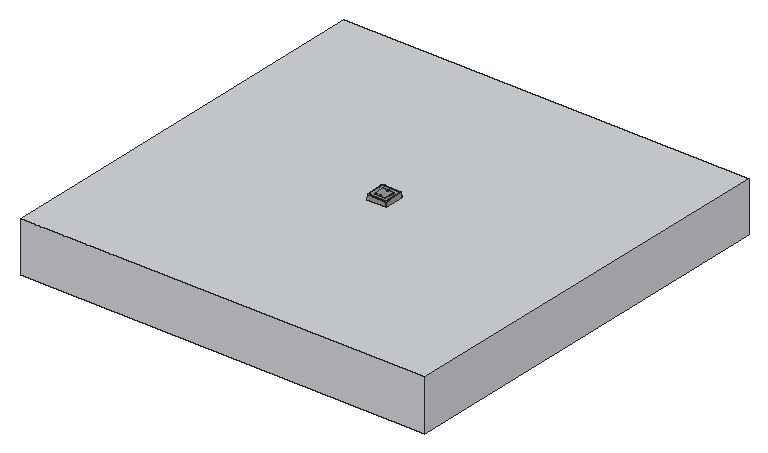
Revit family "Hekatron_Raumlufttechnik_RZA 142 AP_DE_22.01", category Brandmelder, Revit 2018
Family settings
  Basisbauteil = Fläche
  Beschriftungsausrichtung beibehalten = Ja
  Bemaßung runder Anschluss = Durchmesser verwenden
  Teiletyp = Normal
  OmniClass-Nummer = 23.85.30.21
  OmniClass-Titel = Environmental Detection/Registration
  Beim Laden mit Abzugskörper schneiden = Nein
  Gemeinsam genutzt = Nein
  Raumberechnungspunkt = Nein
Parameters (values of type "RZA 142 AP")
  Zulässige Umgebungstemperatur = "-20 °C bis +70 °C"
  Zulässige Luftgeschwindigkeit = ""
  Zulassungen nach EN 54 = ""
  Width [instance] = 118.249 mm
  Version des BIM Objektes = "22.01"
  VdS-Anerkennung = ""
  URL = "https://www.hekatron-brandschutz.de"
  UB A&S Artikel Nummer = "5500034"
  Typenkommentare = "Rauchschalterzustandsanzeige Aufputz"
  Tiefe (mm) = "117.0"
  Stromaufnahme = "max. 120mA"
  Schutzart = "IP 42"
  Rauchteil einstellbar = ""
  Nettogewicht (g) = "185.0"
  Montageart = "Aufputz"
  Modell = "RZA 142 AP"
  Material = "ABS"
  Link zum Datenblatt = "https://www.hekatron-planungstools.de/doku/Montageanleitung%20RZA%20142_224478.pdf"
  Link zu ausschreiben.de = "http://www.ausschreiben.de/katalog/Hekatron/position/193"
  Link zu Produktinformation = "https://www.hekatron-planungstools.de/Produktinfo/RZA_142_AP.PDF"
  Link zu Ausschreibungstext = "https://www.meinhplus.de/login"
  Leistungserklärung (DoP) = ""
  Lautstärke DIN-Ton (dB) = ""
  Kabeleinführung = "oben, unten, seitlich, hinten"
  Höhe (mm) = "117.0"
  Hersteller = "Hekatron"
  Heigth [instance] = 118.249 mm
  Funktionsprinzip = ""
  Farbe = "weiß, ähnlich RAL 9010"
  Ex-Zonen = ""
  Einstellung Temperaturklasse nach EN 54-5 = ""
  Einstellung Temperaturindex nach EN 54-5 = ""
  Einstellung Rauchempfindlichkeit nach EN 54-20 = ""
  Einstellen Rauchempfindlichkeit nach EN 54-7 = ""
  EG-Konformitätszertifikat / Zertifikat der Leistungsbeständigkeit = ""
  Durchmesser (mm) = ""
  Depth [instance] = 31.0 mm
  Vorgabe-Ansicht = 1200.0 mm
  Breite (mm) = "29.5"
  Betriebsspannung = "18 bis 28 V"
  Beschreibung = "Fernanzeigetableau für Rauch- und Thermoschalter mit 5 farbigen LED zur Zu standsanzeige der angeschlos- senen Rauchschalter, Aufputz-Montage"
  Bauartgenehmigungen = ""
  Anzahl Ansaugleitungen = ""
  Ansprechtemperatur = ""
  Alarm- & Empfindlichkeitsbereich = ""
Reference planes
  plane 1 "Center (Front/Back)": y = 0
  plane 2: z = 0
  plane 3 "Center (Left/Right)": x = 0
Forms (mm)
  Extrusion 1, solid
    sketch origin (0, 0, 0) x (1, 0, 0) y (0, 1, 0)
      loop
        line (-1219.2, 1219.2) -> (-1219.2, -1219.2) -> (1219.2, -1219.2) -> (1219.2, 1219.2) -> (-1219.2, 1219.2)
    from 0 to -304.8
  Blend 2, solid, material "PC/ABS Plastic, RAL 9010"
    base sketch origin (0, 0, 0) x (1, 0, 0) y (0, 1, 0)
      loop
        spline (-57.132, 59.125) -> (-57.393, 59.108) -> (-57.649, 59.057) -> (-57.896, 58.973) -> (-58.13, 58.858) -> (-58.346, 58.714) -> (-58.542, 58.542) -> (-58.714, 58.346) -> (-58.858, 58.13) -> (-58.973, 57.896) -> (-59.057, 57.649) -> (-59.108, 57.393) -> (-59.125, 57.132)
        line (-59.125, 57.132) -> (-59.125, -57.132)
        spline (-59.125, -57.132) -> (-59.108, -57.393) -> (-59.057, -57.649) -> (-58.973, -57.896) -> (-58.858, -58.13) -> (-58.714, -58.346) -> (-58.542, -58.542) -> (-58.346, -58.714) -> (-58.13, -58.858) -> (-57.896, -58.973) -> (-57.649, -59.057) -> (-57.393, -59.108) -> (-57.132, -59.125)
        line (-57.132, -59.125) -> (57.132, -59.125)
        spline (57.132, -59.125) -> (57.393, -59.108) -> (57.649, -59.057) -> (57.896, -58.973) -> (58.13, -58.858) -> (58.346, -58.714) -> (58.542, -58.542) -> (58.714, -58.346) -> (58.858, -58.13) -> (58.973, -57.896) -> (59.057, -57.649) -> (59.108, -57.393) -> (59.125, -57.132)
        line (59.125, -57.132) -> (59.125, 57.132)
        spline (59.125, 57.132) -> (59.108, 57.393) -> (59.057, 57.649) -> (58.973, 57.896) -> (58.858, 58.13) -> (58.714, 58.346) -> (58.542, 58.542) -> (58.346, 58.714) -> (58.13, 58.858) -> (57.896, 58.973) -> (57.649, 59.057) -> (57.393, 59.108) -> (57.132, 59.125)
        line (57.132, 59.125) -> (-57.132, 59.125)
    top sketch origin (0, 0, 0) x (1, 0, 0) y (0, 1, 0)
      loop
        line (-56.658, 54.488) -> (-56.658, -54.488)
        arc (-56.658, -54.488) -> (-56.023, -56.023) -> (-54.488, -56.658) r 2.17
        line (-54.488, -56.658) -> (54.488, -56.658)
        arc (54.488, -56.658) -> (56.023, -56.023) -> (56.658, -54.488) r 2.17
        line (56.658, -54.488) -> (56.658, 54.488)
        arc (56.658, 54.488) -> (56.023, 56.023) -> (54.488, 56.658) r 2.17
        line (54.488, 56.658) -> (-54.488, 56.658)
        arc (-54.488, 56.658) -> (-56.023, 56.023) -> (-56.658, 54.488) r 2.17
    from 0.5 to 28.7
  Sweep 3, solid, material "PC/ABS Plastic, RAL 9010"
    path in 3D
      loop
        arc (-56.658, 54.488, 28.7) -> (-56.023, 56.023, 28.7) -> (-54.488, 56.658, 28.7) r 2.17
        line (-54.488, 56.658, 28.7) -> (54.488, 56.658, 28.7)
        arc (54.488, 56.658, 28.7) -> (56.023, 56.023, 28.7) -> (56.658, 54.488, 28.7) r 2.17
        line (56.658, 54.488, 28.7) -> (56.658, -54.488, 28.7)
        arc (56.658, -54.488, 28.7) -> (56.023, -56.023, 28.7) -> (54.488, -56.658, 28.7) r 2.17
        line (54.488, -56.658, 28.7) -> (-54.488, -56.658, 28.7)
        arc (-54.488, -56.658, 28.7) -> (-56.023, -56.023, 28.7) -> (-56.658, -54.488, 28.7) r 2.17
        line (-56.658, -54.488, 28.7) -> (-56.658, 54.488, 28.7)
    profile origin (-56.658, 0, 28.7) x (-1, 0, 0) y (0, 0, 1)
      loop
        arc (0, 0) -> (-0.527, 1.273) -> (-1.8, 1.8) r 1.8
        line (-1.8, 1.8) -> (-1.8, 0) -> (0, 0)
  Extrusion 4, solid, material "PC/ABS Plastic, RAL 9010"
    sketch origin (0, 0, 0) x (1, 0, 0) y (0, 1, 0)
      loop
        arc (-38.6, 43.089) -> (-38.248, 49.203) -> (-44.371, 49.321) r 4.25
        line (-44.371, 49.321) -> (-49.082, 44.592)
        arc (-49.082, 44.592) -> (-49.434, 38.478) -> (-43.31, 38.361) r 4.25
        line (-43.31, 38.361) -> (-38.6, 43.089)
      loop
        arc (-40.128, 45.078) -> (-40.128, 47.553) -> (-42.603, 47.553) r 1.75
        line (-42.603, 47.553) -> (-47.553, 42.603)
        arc (-47.553, 42.603) -> (-47.553, 40.128) -> (-45.078, 40.128) r 1.75
        line (-45.078, 40.128) -> (-40.128, 45.078)
      loop
        arc (44.592, 49.082) -> (38.478, 49.434) -> (38.361, 43.31) r 4.25
        line (38.361, 43.31) -> (43.089, 38.6)
        arc (43.089, 38.6) -> (49.203, 38.248) -> (49.321, 44.371) r 4.25
        line (49.321, 44.371) -> (44.592, 49.082)
      loop
        arc (42.603, 47.553) -> (40.128, 47.553) -> (40.128, 45.078) r 1.75
        line (40.128, 45.078) -> (45.078, 40.128)
        arc (45.078, 40.128) -> (47.553, 40.128) -> (47.553, 42.603) r 1.75
        line (47.553, 42.603) -> (42.603, 47.553)
      loop
        arc (49.082, -44.592) -> (49.434, -38.478) -> (43.31, -38.361) r 4.25
        line (43.31, -38.361) -> (38.6, -43.089)
        arc (38.6, -43.089) -> (38.248, -49.203) -> (44.371, -49.321) r 4.25
        line (44.371, -49.321) -> (49.082, -44.592)
      loop
        arc (47.553, -42.603) -> (47.553, -40.128) -> (45.078, -40.128) r 1.75
        line (45.078, -40.128) -> (40.128, -45.078)
        arc (40.128, -45.078) -> (40.128, -47.553) -> (42.603, -47.553) r 1.75
        line (42.603, -47.553) -> (47.553, -42.603)
      loop
        arc (-45.078, -40.128) -> (-47.553, -40.128) -> (-47.553, -42.603) r 1.75
        line (-47.553, -42.603) -> (-42.603, -47.553)
        arc (-42.603, -47.553) -> (-40.128, -47.553) -> (-40.128, -45.078) r 1.75
        line (-40.128, -45.078) -> (-45.078, -40.128)
      loop
        arc (-44.592, -49.082) -> (-38.478, -49.434) -> (-38.361, -43.31) r 4.25
        line (-38.361, -43.31) -> (-43.089, -38.6)
        arc (-43.089, -38.6) -> (-49.203, -38.248) -> (-49.321, -44.371) r 4.25
        line (-49.321, -44.371) -> (-44.592, -49.082)
    from 0 to 0.5
  Extrusion 5, solid, material "PC/ABS Plastic, RAL 9010"
    sketch origin (0, 0, 0) x (1, 0, 0) y (0, 1, 0)
      loop
        line (54.858, -54.858) -> (54.858, 54.858) -> (-54.858, 54.858) -> (-54.858, -54.858) -> (54.858, -54.858)
    from 28.7 to 30.5
  Extrusion 6, solid, material "PC/ABS Plastic, RAL 9010"
    sketch origin (0, 0, 0) x (1, 0, 0) y (0, 1, 0)
      loop
        line (32, -33.5) -> (32, 30.5) -> (-32, 30.5) -> (-32, -33.5) -> (32, -33.5)
    from 30.5 to 31
  Extrusion 7, void
    sketch origin (0, 0, 0) x (1, 0, 0) y (0, 1, 0)
      loop
        circle (34, 22.25) r 1.95
      loop
        circle (34, 14.75) r 1.95
      loop
        circle (34, 7.25) r 1.95
      loop
        circle (34, -0.25) r 1.95
      loop
        circle (34, -7.75) r 1.95
    from 17.478 to 30.5
  Revolve 8, solid, material "Plastic, Transparent"
    sketch origin (34, 0, 0) x (0, 1, 0) y (0, 0, 1)
      loop
        arc (23.7, 29.65) -> (23.275, 30.675) -> (22.25, 31.1) r 1.45
        line (22.25, 31.1) -> (22.25, 27.6) -> (23.7, 27.6) -> (23.7, 29.65)
      axis (22.25, 27.6) -> (22.25, 31.1)
    angle from 0 to 360
  Revolve 9, solid, material "Plastic, Transparent"
    sketch origin (34, -7.5, 0) x (0, 1, 0) y (0, 0, 1)
      loop
        arc (23.7, 29.65) -> (23.275, 30.675) -> (22.25, 31.1) r 1.45
        line (22.25, 31.1) -> (22.25, 27.6) -> (23.7, 27.6) -> (23.7, 29.65)
      axis (22.25, 27.6) -> (22.25, 31.1)
    angle from 0 to 360
  Revolve 10, solid, material "Plastic, Transparent"
    sketch origin (34, -15, 0) x (0, 1, 0) y (0, 0, 1)
      loop
        arc (23.7, 29.65) -> (23.275, 30.675) -> (22.25, 31.1) r 1.45
        line (22.25, 31.1) -> (22.25, 27.6) -> (23.7, 27.6) -> (23.7, 29.65)
      axis (22.25, 27.6) -> (22.25, 31.1)
    angle from 0 to 360
  Revolve 11, solid, material "Plastic, Transparent"
    sketch origin (34, -22.5, 0) x (0, 1, 0) y (0, 0, 1)
      loop
        arc (23.7, 29.65) -> (23.275, 30.675) -> (22.25, 31.1) r 1.45
        line (22.25, 31.1) -> (22.25, 27.6) -> (23.7, 27.6) -> (23.7, 29.65)
      axis (22.25, 27.6) -> (22.25, 31.1)
    angle from 0 to 360
  Revolve 12, solid, material "Plastic, Transparent"
    sketch origin (34, -30, 0) x (0, 1, 0) y (0, 0, 1)
      loop
        arc (23.7, 29.65) -> (23.275, 30.675) -> (22.25, 31.1) r 1.45
        line (22.25, 31.1) -> (22.25, 27.6) -> (23.7, 27.6) -> (23.7, 29.65)
      axis (22.25, 27.6) -> (22.25, 31.1)
    angle from 0 to 360
  Extrusion 13, solid, material "PC/ABS Plastic, RAL 9010"
    sketch origin (0, -30, 0) x (1, 0, 0) y (0, 1, 0)
      loop
        circle (34, 22.25) r 1.95
      loop
        circle (34, 29.75) r 1.95
      loop
        circle (34, 37.25) r 1.95
      loop
        circle (34, 44.75) r 1.95
      loop
        circle (34, 52.25) r 1.95
    from 26.6 to 27.6
  Revolve 14, solid, material "PC/ABS Plastic, RAL 9010"
    sketch origin (0, -17.503, 0) x (0, 1, 0) y (0, 0, 1)
      loop
        arc (-8.947, 31.5) -> (-10.607, 32.465) -> (-12.497, 32.8) r 5.497
        line (-12.497, 32.8) -> (-12.497, 31.5) -> (-8.947, 31.5)
      axis (-12.497, 31.5) -> (-12.497, 32.8)
    angle from 0 to 360
  Extrusion 15, solid, material "PC/ABS Plastic, RAL 9010"
    sketch origin (0, -17.503, 0) x (1, 0, 0) y (0, 1, 0)
      loop
        circle (0, -12.497) r 3.55
    from 31 to 31.5
  Revolve 16, solid, material "PC/ABS Plastic, RAL 9010"
    sketch origin (0, 14.503, 0) x (0, -1, 0) y (0, 0, 1)
      loop
        arc (-8.947, 31.5) -> (-10.607, 32.465) -> (-12.497, 32.8) r 5.497
        line (-12.497, 32.8) -> (-12.497, 31.5) -> (-8.947, 31.5)
      axis (-12.497, 31.5) -> (-12.497, 32.8)
    angle from 0 to 360
  Extrusion 17, solid, material "PC/ABS Plastic, RAL 9010"
    sketch origin (0, 14.503, 0) x (1, 0, 0) y (0, 1, 0)
      loop
        circle (0, 12.497) r 3.55
    from 31 to 31.5
  Extrusion 18, void
    sketch origin (0, 0, 0) x (1, 0, 0) y (0, 1, 0)
      loop
        circle (0, 0) r 3.847
    from 0.5 to 4.5
  Extrusion 19, void
    sketch origin (0, 0, 0) x (1, 0, 0) y (0, 1, 0)
      loop
        circle (-25, 46.25) r 5.5
      loop
        circle (-46.25, 25) r 5.5
      loop
        circle (-25, -46.25) r 5.5
      loop
        circle (25, -46.25) r 5.5
    from 0.5 to 1
Cuts and joins
  Extrusion 7, Extrusion 18, Extrusion 19 cuts Blend 2
  Extrusion 7, Extrusion 18, Extrusion 19 cuts Extrusion 5
  Extrusion 18 cuts Extrusion 6
Lines and regions (mm)
  sketch lines
    curve 1: line (-56.658, -54.488, 28.7) -> (-56.658, 54.488, 28.7)
    curve 2: arc (-56.658, 54.488, 28.7) -> (-56.023, 56.023, 28.7) -> (-54.488, 56.658, 28.7) r 2.17
    curve 3: line (-54.488, 56.658, 28.7) -> (54.488, 56.658, 28.7)
    curve 4: arc (54.488, 56.658, 28.7) -> (56.023, 56.023, 28.7) -> (56.658, 54.488, 28.7) r 2.17
    curve 5: line (56.658, 54.488, 28.7) -> (56.658, -54.488, 28.7)
    curve 6: arc (56.658, -54.488, 28.7) -> (56.023, -56.023, 28.7) -> (54.488, -56.658, 28.7) r 2.17
    curve 7: line (54.488, -56.658, 28.7) -> (-54.488, -56.658, 28.7)
    curve 8: arc (-54.488, -56.658, 28.7) -> (-56.023, -56.023, 28.7) -> (-56.658, -54.488, 28.7) r 2.17
Dimensions and locks
  "Depth": cut or joined group of Extrusion 6, Extrusion 18 to Extrusion 1
  "Width": cut or joined group of Blend 2, Extrusion 7, Extrusion 18, Extrusion 19 to cut or joined group of Blend 2, Extrusion 7, Extrusion 18, Extrusion 19
  "Heigth": cut or joined group of Blend 2, Extrusion 7, Extrusion 18, Extrusion 19 to cut or joined group of Blend 2, Extrusion 7, Extrusion 18, Extrusion 19
  aligned and locked: plane 2 to Extrusion 1
  aligned and locked: level to Extrusion 1
Automatic sketch dimensions
  Extrusion 1 sketch curve to Extrusion 1 sketch curve = 2438.4 mm  (x2)
  Blend 2 sketch curve to plane 3 "Center (Left/Right)" = 59.125 mm
  Blend 2 sketch curve to Blend 2 sketch curve = 1.992 mm  (x6)
  plane 3 "Center (Left/Right)" to Blend 2 sketch curve = 57.132 mm  (x2)
  plane 1 "Center (Front/Back)" to Blend 2 sketch curve = 59.125 mm
  Blend 2 sketch curve to plane 1 "Center (Front/Back)" = 57.132 mm  (x2)
  Blend 2 sketch curve to Blend 2 sketch curve = 0.583 mm  (x3)
  Blend 2 sketch curve to Blend 2 sketch curve = 2.008 mm  (x3)
  Blend 2 sketch curve to Blend 2 sketch curve = 0.015 mm
  Blend 2 sketch curve to Blend 2 sketch curve = 1.41 mm
  Blend 2 sketch curve to plane 3 "Center (Left/Right)" = 56.658 mm
  Blend 2 sketch curve to Blend 2 sketch curve = 2.17 mm  (x3)
  plane 3 "Center (Left/Right)" to Blend 2 sketch curve = 54.488 mm  (x2)
  plane 1 "Center (Front/Back)" to Blend 2 sketch curve = 56.658 mm
  Blend 2 sketch curve to plane 1 "Center (Front/Back)" = 54.488 mm
  Sweep 3 sketch curve to profile plane = 0.0 mm  (x2)
  profile plane to Sweep 3 sketch curve = 1.8 mm
  Extrusion 4 sketch curve to Extrusion 4 sketch curve = 0.0 mm  (x16)
  Extrusion 4 sketch curve to plane 3 "Center (Left/Right)" = 49.321 mm
  Extrusion 4 sketch curve to plane 3 "Center (Left/Right)" = 49.082 mm
  Extrusion 4 sketch curve to Extrusion 4 sketch curve = 1.768 mm  (x12)
  Extrusion 4 sketch curve to Extrusion 4 sketch curve = 1.529 mm  (x6)
  Extrusion 4 sketch curve to Extrusion 4 sketch curve = 1.237 mm  (x23)
  Extrusion 4 sketch curve to Extrusion 4 sketch curve = 4.728 mm  (x4)
  Extrusion 4 sketch curve to Extrusion 4 sketch curve = 4.711 mm  (x4)
  Extrusion 4 sketch curve to Extrusion 4 sketch curve = 1.989 mm  (x6)
  plane 3 "Center (Left/Right)" to Extrusion 4 sketch curve = 38.361 mm
  plane 3 "Center (Left/Right)" to Extrusion 4 sketch curve = 38.6 mm
  plane 1 "Center (Front/Back)" to Extrusion 4 sketch curve = 49.321 mm
  plane 1 "Center (Front/Back)" to Extrusion 4 sketch curve = 49.082 mm
  Extrusion 4 sketch curve to plane 1 "Center (Front/Back)" = 38.361 mm
  Extrusion 4 sketch curve to plane 1 "Center (Front/Back)" = 38.6 mm
  Extrusion 5 sketch curve to plane 3 "Center (Left/Right)" = 54.858 mm
  plane 3 "Center (Left/Right)" to Extrusion 5 sketch curve = 54.858 mm
  plane 1 "Center (Front/Back)" to Extrusion 5 sketch curve = 54.858 mm
  Extrusion 5 sketch curve to plane 1 "Center (Front/Back)" = 54.858 mm
  Extrusion 6 sketch curve to plane 3 "Center (Left/Right)" = 32.0 mm
  plane 3 "Center (Left/Right)" to Extrusion 6 sketch curve = 32.0 mm
  plane 1 "Center (Front/Back)" to Extrusion 6 sketch curve = 33.5 mm
  Extrusion 6 sketch curve to plane 1 "Center (Front/Back)" = 30.5 mm
  Extrusion 7 sketch curve to Extrusion 7 sketch curve = 0.0 mm  (x14)
  Extrusion 7 sketch curve to plane 1 "Center (Front/Back)" = 14.75 mm
  plane 3 "Center (Left/Right)" to Extrusion 7 sketch curve = 34.0 mm
  plane 1 "Center (Front/Back)" to Extrusion 7 sketch curve = 0.25 mm
  Extrusion 7 sketch curve to Extrusion 7 sketch curve = 7.5 mm  (x2)
  Extrusion 7 sketch curve to plane 1 "Center (Front/Back)" = 7.25 mm
  Extrusion 7 sketch curve to Extrusion 7 sketch curve = 1.95 mm  (x5)
  Revolve 8 sketch curve to plane 1 "Center (Front/Back)" = 22.25 mm
  Revolve 8 sketch curve to Revolve 8 sketch curve = 1.45 mm
  level to Revolve 8 sketch curve = 27.6 mm
  Revolve 8 sketch curve to Revolve 8 sketch curve = 2.05 mm
  Revolve 8 sketch curve to Revolve 8 sketch curve = 0.0 mm
  Revolve 8 sketch curve to Revolve 8 sketch curve = 10.122 mm
  Revolve 8 sketch curve to Revolve 8 sketch curve = 26.378 mm
  Revolve 9 sketch curve to plane 1 "Center (Front/Back)" = 14.75 mm
  Revolve 9 sketch curve to Revolve 9 sketch curve = 1.45 mm
  level to Revolve 9 sketch curve = 27.6 mm
  Revolve 9 sketch curve to Revolve 9 sketch curve = 2.05 mm
  Revolve 9 sketch curve to Revolve 9 sketch curve = 0.0 mm
  Revolve 9 sketch curve to Revolve 9 sketch curve = 10.122 mm
  Revolve 9 sketch curve to Revolve 9 sketch curve = 26.378 mm
  Revolve 10 sketch curve to plane 1 "Center (Front/Back)" = 7.25 mm  (x2)
  Revolve 10 sketch curve to Revolve 10 sketch curve = 1.45 mm
  level to Revolve 10 sketch curve = 27.6 mm
  Revolve 10 sketch curve to Revolve 10 sketch curve = 2.05 mm
  Revolve 10 sketch curve to Revolve 10 sketch curve = 10.122 mm
  Revolve 10 sketch curve to Revolve 10 sketch curve = 26.378 mm
  plane 1 "Center (Front/Back)" to Revolve 11 sketch curve = 0.25 mm  (x2)
  Revolve 11 sketch curve to plane 1 "Center (Front/Back)" = 1.2 mm
  level to Revolve 11 sketch curve = 27.6 mm
  Revolve 11 sketch curve to Revolve 11 sketch curve = 2.05 mm
  Revolve 11 sketch curve to Revolve 11 sketch curve = 10.122 mm
  Revolve 11 sketch curve to Revolve 11 sketch curve = 26.378 mm
  plane 1 "Center (Front/Back)" to Revolve 12 sketch curve = 7.75 mm  (x2)
  Revolve 12 sketch curve to Revolve 12 sketch curve = 1.45 mm
  level to Revolve 12 sketch curve = 27.6 mm
  Revolve 12 sketch curve to Revolve 12 sketch curve = 2.05 mm
  Revolve 12 sketch curve to Revolve 12 sketch curve = 10.122 mm
  Revolve 12 sketch curve to Revolve 12 sketch curve = 26.378 mm
  plane 1 "Center (Front/Back)" to Revolve 14 sketch curve = 30.0 mm
  Revolve 14 sketch curve to Revolve 14 sketch curve = 3.55 mm
  level to Revolve 14 sketch curve = 27.303 mm
  Revolve 14 sketch curve to Revolve 14 sketch curve = 4.197 mm
  Revolve 14 sketch curve to Revolve 14 sketch curve = 0.0 mm  (x2)
  Revolve 14 sketch curve to Revolve 14 sketch curve = 2.044 mm
  Extrusion 15 sketch curve to plane 3 "Center (Left/Right)" = 0.0 mm
  plane 1 "Center (Front/Back)" to Extrusion 15 sketch curve = 30.0 mm
  plane 1 "Center (Front/Back)" to Revolve 16 sketch curve = 27.0 mm
  Revolve 16 sketch curve to Revolve 16 sketch curve = 3.55 mm
  Revolve 16 sketch curve to level = 27.303 mm
  Revolve 16 sketch curve to Revolve 16 sketch curve = 4.197 mm
  Revolve 16 sketch curve to Revolve 16 sketch curve = 0.0 mm  (x2)
  Revolve 16 sketch curve to Revolve 16 sketch curve = 2.044 mm
  Extrusion 17 sketch curve to plane 3 "Center (Left/Right)" = 0.0 mm
  plane 1 "Center (Front/Back)" to Extrusion 17 sketch curve = 27.0 mm
  plane 1 "Center (Front/Back)" to Extrusion 18 sketch curve = 0.0 mm
  Extrusion 18 sketch curve to plane 3 "Center (Left/Right)" = 0.0 mm
  Extrusion 19 sketch curve to plane 3 "Center (Left/Right)" = 46.25 mm
  Extrusion 19 sketch curve to plane 3 "Center (Left/Right)" = 25.0 mm  (x2)
  plane 3 "Center (Left/Right)" to Extrusion 19 sketch curve = 25.0 mm
  plane 1 "Center (Front/Back)" to Extrusion 19 sketch curve = 46.25 mm  (x2)
  Extrusion 19 sketch curve to plane 1 "Center (Front/Back)" = 25.0 mm
  Extrusion 19 sketch curve to Extrusion 19 sketch curve = 21.25 mm
  plane 1 "Center (Front/Back)" to Extrusion 13 sketch curve = 7.75 mm
  plane 3 "Center (Left/Right)" to Extrusion 13 sketch curve = 34.0 mm
  Extrusion 13 sketch curve to Extrusion 13 sketch curve = 1.95 mm  (x5)
  plane 1 "Center (Front/Back)" to Extrusion 13 sketch curve = 0.25 mm
  Extrusion 13 sketch curve to Extrusion 13 sketch curve = 0.0 mm  (x6)
  Extrusion 13 sketch curve to plane 1 "Center (Front/Back)" = 7.25 mm
  Extrusion 13 sketch curve to Extrusion 13 sketch curve = 7.5 mm  (x2)
  radius of Extrusion 15 sketch curve = 3.55 mm
  radius of Extrusion 17 sketch curve = 3.55 mm
  radius of Extrusion 18 sketch curve = 3.847 mm
  radius of Extrusion 19 sketch curve = 5.5 mm  (x4)
Connectors
  electrical at (0, 0, 0)
    settings: index 1, voltage 0 V, apparent load 0 VA, apparent load phase1 0 VA, apparent load phase2 0 VA, apparent load phase3 0 VA, power factor 1, load classification "Other", number of poles 1, system type 11, power factor state 1, is connector primary yes, connector utility no, sub classification motor no, connector description ""
